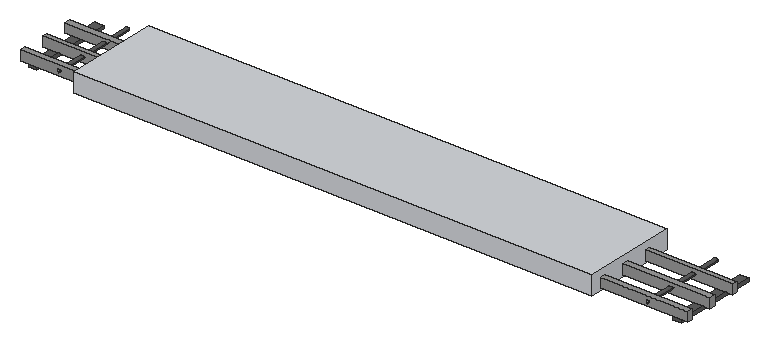
Revit family "1212-3, Veneer", category Generic Models, host Face, Revit 2020
Family settings
  Host = Face
  Can host rebar = No
  Round Connector Dimension = Use Diameter
  Part Type = Normal
  Cut with Voids When Loaded = No
  Shared = No
  Room Calculation Point = No
Parameters
  min_value [instance] = 1' - 11 1/4"  # constant formula
  max_value [instance] = 9' - 11 1/4"  # constant formula
  actual_value [instance] = if(NET LENGTH < min_value, min_value, if(NET LENGTH > max_value, max_value, NET LENGTH))  # 7' - 11 1/4"
  NET LENGTH [instance] = 7' - 11 1/4"
  IMPORTANT NOTE!!!                                                                             *Backer & dowel layout is for visualization purposes only, final layout to be determined by 9Wood. [instance] = ""
  Default Elevation = 4' - 0"
  DOWEL RADIUS [instance] = 0' - 0 1/4"  # constant formula
  BACKING M MATERIAL [instance] = BLACK-BACKERS
  .. MEMBER WIDTH [instance] = 0' - 0 3/4"  # constant formula
  .. MEMBER MATERIAL [instance] = Veneer Cherry
  .. MEMBER DEPTH [instance] = 0' - 1 3/8"  # constant formula
  .. MEMBER COUNT [instance] = 3  # constant formula
Reference planes (in)
  plane 1 "Center (Front/Back)": y = 0
  plane 2: z = 2.726
  plane 3 "Center (Left/Right)": x = 0
Forms (in)
  Extrusion 1, solid
    sketch origin (15, -0.86619, -0.99308) x (0, 1, 0) y (-1, 0, 0)
      loop
        line (3.42869, -23.66817) -> (3.42869, 50.25) -> (-10, 50.25) -> (-10, -23.66817) -> (3.42869, -23.66817)
    from 3.71908 to 1.00111
Dimensions and locks (in)
  aligned and locked: plane 2 to Extrusion 1
Nested families (in)
  nested 1: "1200 Series" at (-44, -2, 1.87867), NET LENGTH <- "actual_value", DOWEL RADII <- "DOWEL RADIUS", .. MEMBER WIDTH <- ".. MEMBER WIDTH", .. MEMBER DEPTH <- ".. MEMBER DEPTH", .. MEMBER MATERIAL <- ".. MEMBER MATERIAL", BACKING M MATERIAL <- "BACKING M MATERIAL", .. MEMBER COUNT <- ".. MEMBER COUNT", type "1200 Series"
    with X 7' - 4", WIDTH 1' - 0 1/16", Space 0' - 0 11/16", START 0' - 0 3/8", SCRIM MATERIAL SCRIM, SCRIM 3 8' - 1", SCRIM 2 0' - 0 7/8", SCRIM 1 0' - 0 3/32", SCRIM yes, NET LENGTH 7' - 11 1/4", N 8, INSET 3 0' - 0 3/16", INSET 0' - 1", INDEX 0' - 5 5/8", END BACKER yes, DOWEL RADII 0' - 0 1/4", DOWEL COUNT 8, BACKING M WIDTH 0' - 1 1/4", BACKING M MATERIAL BLACK-BACKERS, BACKING M LENGTH 0' - 11 7/8", BACKING M DEPTH 0' - 0 1/2", .. MEMBER WIDTH 0' - 0 3/4", .. MEMBER OC TYP 0' - 4", .. MEMBER MATERIAL Veneer Cherry, .. MEMBER DEPTH 0' - 1 3/8", .. MEMBER COUNT 3
Definition of nested family "1200 Series"
  Parameters (values of type "1200 Series")
    X [instance] = NET LENGTH - (0' 3 5/8" * 2)  # 6' - 2"
    WIDTH [instance] = 1' - 0 1/16"
    Space [instance] = 0' - 0 11/16"  # constant formula
    START [instance] = .. MEMBER WIDTH / 2  # 0' - 0 3/8"
    SCRIM MATERIAL [instance] = none
    SCRIM 3 [instance] = NET LENGTH + (SCRIM 2 * 2)  # 6' - 11"
    SCRIM 2 [instance] = 0' - 0 7/8"
    SCRIM 1 [instance] = 0' - 0 3/32"
    SCRIM [instance] = yes
    NET LENGTH [instance] = 6' - 9 1/4"
    N [instance] = if((X - (rounddown(X / 1' 0") * 1' 0")) > 1' 0", rounddown(X / 1' 0") + 2, rounddown(X / 1' 0") + 1)  # 7
    INSET 3 [instance] = 0' - 0 3/16"
    INSET [instance] = 0' - 1"
    INDEX [instance] = (NET LENGTH - ((N - 1) * 1' 0")) / 2  # 0' - 4 5/8"
    END BACKER [instance] = yes
    Default Elevation = 0' - 0"
    DOWEL RADII [instance] = 0' - 0 1/4"
    DOWEL COUNT [instance] = N  # 7
    BACKING M WIDTH [instance] = 0' - 1 1/4"
    BACKING M MATERIAL [instance] = none
    BACKING M LENGTH [instance] = 0' - 11 7/8"
    BACKING M DEPTH [instance] = 0' - 0 1/2"
    .. MEMBER WIDTH [instance] = 0' - 0 3/4"
    .. MEMBER OC TYP [instance] = 1' 0" / .. MEMBER COUNT  # 0' - 3"
    .. MEMBER MATERIAL [instance] = none
    .. MEMBER DEPTH [instance] = 0' - 1 3/8"
    .. MEMBER COUNT [instance] = 4
  Reference planes (in)
    plane 1 "Center (Front/Back)": y = -7.5
    plane 2: z = 0
    plane 3 "Center (Left/Right)": x = 0
    plane 4: x = 1
    plane 5: x = 4.625
    plane 6: x = 81.25
    plane 7: x = 80.25
    plane 8: x = 16.625
    plane 9: y = -7.3125
    plane 10: y = -4.125
    plane 11: y = -7.125
    plane 12: y = 4.5625
    plane 13: y = -4.5
    plane 14: y = -7.59375
    plane 15: x = 82.125
    plane 16: y = 4.65625
    plane 17: x = -0.875
    plane 18: z = -1.375
    plane 19: z = -0.6875
  Lines and regions (in)
    model lines
      curve 1: line (4.375, -7.5, -0.6875) -> (4.875, -7.5, -0.6875)
    model lines, not visible
      curve 2: line (4.625, -7.5, -0.9375) -> (4.625, -7.5, -0.4375)
      curve 3: line (4.375, -7.5, -0.6875) -> (4.875, -7.5, -0.6875)
      curve 4: line (16.625, -7.5, -0.9375) -> (16.625, -7.5, -0.4375)
      curve 5: line (16.375, -7.5, -0.6875) -> (16.875, -7.5, -0.6875)
      curve 6: line (28.625, -7.5, -0.9375) -> (28.625, -7.5, -0.4375)
      curve 7: line (28.375, -7.5, -0.6875) -> (28.875, -7.5, -0.6875)
      curve 8: line (40.625, -7.5, -0.9375) -> (40.625, -7.5, -0.4375)
      curve 9: line (40.375, -7.5, -0.6875) -> (40.875, -7.5, -0.6875)
      curve 10: line (52.625, -7.5, -0.9375) -> (52.625, -7.5, -0.4375)
      curve 11: line (52.375, -7.5, -0.6875) -> (52.875, -7.5, -0.6875)
      curve 12: line (64.625, -7.5, -0.9375) -> (64.625, -7.5, -0.4375)
      curve 13: line (64.375, -7.5, -0.6875) -> (64.875, -7.5, -0.6875)
      curve 14: line (76.625, -7.5, -0.9375) -> (76.625, -7.5, -0.4375)
      curve 15: line (76.375, -7.5, -0.6875) -> (76.875, -7.5, -0.6875)
  Dimensions and locks (in)
    "NET LENGTH": plane 3 "Center (Left/Right)" to plane 6
    "INSET": plane 7 to plane 6
    "INDEX": plane 3 "Center (Left/Right)" to plane 5
    plane 5 to plane 8 = 1' - 0"
    "INSET 3": plane 1 "Center (Front/Back)" to plane 9
    equal spacing: group 1, group 2, group 3, group 4  (x3)
    "START": plane 11 to plane 1 "Center (Front/Back)"
    ".. MEMBER OC TYP": plane 10 to plane 11
    "WIDTH": plane 12 to plane 1 "Center (Front/Back)"
    "START": plane 10 to plane 13
    "SCRIM 1": plane 14 to plane 1 "Center (Front/Back)"
    "SCRIM 2": plane 6 to plane 15
    "SCRIM 1": plane 12 to plane 16
    "SCRIM 2": plane 17 to plane 3 "Center (Left/Right)"
    "INSET": plane 3 "Center (Left/Right)" to plane 4
    equal spacing: group 5, group 6, group 7, group 8, group 9, group 10, group 11  (x3)
    "Space": plane 19 to plane 18
    aligned and locked: level to plane 2
    aligned and locked: nested 1 to plane 4  (x2)
    aligned and locked: plane 7 to nested 2
    aligned and locked: plane 5 to nested 3
    aligned and locked: nested 1 to plane 9
    aligned and locked: plane 1 "Center (Front/Back)" to nested 4
    aligned and locked: plane 9 to nested 2
    aligned and locked: plane 13 to nested 5
    aligned and locked: nested 3 to plane 9
    aligned and locked: plane 18 to nested 1
    aligned and locked: plane 19 to nested 3
    aligned and locked: curve 1 to plane 19
    aligned and locked: plane 8 to curve 4
    aligned and locked: curve 5 to plane 19
    aligned and locked: nested 4 to plane 18
  Automatic sketch dimensions
    curve 1 to curve 1 = 0' - 0 1/2"
    curve 1 to plane 5 = 0' - 0 1/4"
    plane 5 to curve 1 = 0' - 0 1/4"
    curve 3 to curve 2 = 0' - 0 1/4"  (x2)
    curve 2 to curve 3 = 0' - 0 1/4"  (x2)
    curve 5 to curve 4 = 0' - 0 1/4"  (x2)
    curve 4 to curve 5 = 0' - 0 1/4"  (x2)
    curve 7 to curve 6 = 0' - 0 1/4"  (x2)
    curve 6 to curve 7 = 0' - 0 1/4"  (x2)
    curve 9 to curve 8 = 0' - 0 1/4"  (x2)
    curve 8 to curve 9 = 0' - 0 1/4"  (x2)
    curve 11 to curve 10 = 0' - 0 1/4"  (x2)
    curve 10 to curve 11 = 0' - 0 1/4"  (x2)
    curve 13 to curve 12 = 0' - 0 1/4"  (x2)
    curve 12 to curve 13 = 0' - 0 1/4"  (x2)
    curve 15 to curve 14 = 0' - 0 1/4"  (x2)
    curve 14 to curve 15 = 0' - 0 1/4"  (x2)
  Nested families (in)
    nested 1: "INSTANCE - 2ND -  EXTEND SIDE H CENTER W - Parametric Cube" at (1, -1.375, -1.375) x (0, -1, 0) z (0, 0, 1), Width <- "BACKING M LENGTH", Length <- "BACKING M WIDTH", Material <- "BACKING M MATERIAL", Height <- "BACKING M DEPTH", visible <- "END BACKER", type "INSTANCE - 2ND -  EXTEND SIDE H CENTER W - Parametric Cube"
      with Width 0' - 11 7/8", Material none, Length 0' - 1 1/4", Height 0' - 0 1/2"
    nested 2: "INSTANCE - 2ND -  EXTEND SIDE H CENTER W - Parametric Cube" at (80.25, -1.375, -1.375) x (0, -1, 0) z (0, 0, 1), Width <- "BACKING M LENGTH", Length <- "BACKING M WIDTH", Material <- "BACKING M MATERIAL", Height <- "BACKING M DEPTH", visible <- "END BACKER", type "INSTANCE - 2ND -  EXTEND SIDE H CENTER W - Parametric Cube"
      with Width 0' - 11 7/8", Material none, Length 0' - 1 1/4", Height 0' - 0 1/2"
    nested 3: "Family3" at (-5.375, -7.3125, -0.6875), DOWEL RADII <- "DOWEL RADII", BACKING MEM MATERIAL <- "BACKING M MATERIAL", type "Family3"
      with DOWEL RADII 0' - 0 1/4", DOWEL LENGTH 0' - 11 7/8", BACKING MEM MATERIAL none
    nested 4: "HOLED MEMBER" at (0, -18.75, 6.19404), DOWEL RADII <- "DOWEL RADII", .. MEMBER LENGTH <- "NET LENGTH", DOWEL COUNT <- "DOWEL COUNT", DEPTH <- ".. MEMBER DEPTH", .. MEMBER WIDTH <- ".. MEMBER WIDTH", Material <- ".. MEMBER MATERIAL", DOWEL INDEX <- "INDEX", Space 2 <- "Space", type "HOLED MEMBER"
      with Width 0' - 6", Space 2 0' - 0 11/16", Material none, Length 1' - 0", Height 0' - 10.43096", DOWEL RADII 0' - 0 1/4", DOWEL OC DIST 1' - 0", DOWEL INDEX 0' - 4 5/8", DOWEL COUNT 7, DEPTH 0' - 1 3/8", .. MEMBER WIDTH 0' - 0 3/4", .. MEMBER LENGTH 6' - 9 1/4"
    nested 5: "HOLED MEMBER" at (0, -15.75, 6.19404), DOWEL RADII <- "DOWEL RADII", .. MEMBER LENGTH <- "NET LENGTH", DOWEL COUNT <- "DOWEL COUNT", DEPTH <- ".. MEMBER DEPTH", .. MEMBER WIDTH <- ".. MEMBER WIDTH", Material <- ".. MEMBER MATERIAL", DOWEL INDEX <- "INDEX", Space 2 <- "Space", type "HOLED MEMBER"
      with Width 0' - 6", Space 2 0' - 0 11/16", Material none, Length 1' - 0", Height 0' - 10.43096", DOWEL RADII 0' - 0 1/4", DOWEL OC DIST 1' - 0", DOWEL INDEX 0' - 4 5/8", DOWEL COUNT 7, DEPTH 0' - 1 3/8", .. MEMBER WIDTH 0' - 0 3/4", .. MEMBER LENGTH 6' - 9 1/4"
    nested 6: "HOLED MEMBER" at (0, -12.75, 6.19404), DOWEL RADII <- "DOWEL RADII", .. MEMBER LENGTH <- "NET LENGTH", DOWEL COUNT <- "DOWEL COUNT", DEPTH <- ".. MEMBER DEPTH", .. MEMBER WIDTH <- ".. MEMBER WIDTH", Material <- ".. MEMBER MATERIAL", DOWEL INDEX <- "INDEX", Space 2 <- "Space", type "HOLED MEMBER"
      with Width 0' - 6", Space 2 0' - 0 11/16", Material none, Length 1' - 0", Height 0' - 10.43096", DOWEL RADII 0' - 0 1/4", DOWEL OC DIST 1' - 0", DOWEL INDEX 0' - 4 5/8", DOWEL COUNT 7, DEPTH 0' - 1 3/8", .. MEMBER WIDTH 0' - 0 3/4", .. MEMBER LENGTH 6' - 9 1/4"
    nested 7: "HOLED MEMBER" at (0, -9.75, 6.19404), DOWEL RADII <- "DOWEL RADII", .. MEMBER LENGTH <- "NET LENGTH", DOWEL COUNT <- "DOWEL COUNT", DEPTH <- ".. MEMBER DEPTH", .. MEMBER WIDTH <- ".. MEMBER WIDTH", Material <- ".. MEMBER MATERIAL", DOWEL INDEX <- "INDEX", Space 2 <- "Space", type "HOLED MEMBER"
      with Width 0' - 6", Space 2 0' - 0 11/16", Material none, Length 1' - 0", Height 0' - 10.43096", DOWEL RADII 0' - 0 1/4", DOWEL OC DIST 1' - 0", DOWEL INDEX 0' - 4 5/8", DOWEL COUNT 7, DEPTH 0' - 1 3/8", .. MEMBER WIDTH 0' - 0 3/4", .. MEMBER LENGTH 6' - 9 1/4"
    nested 8: "Family3" at (6.625, -7.3125, -0.6875), DOWEL RADII <- "DOWEL RADII", BACKING MEM MATERIAL <- "BACKING M MATERIAL", type "Family3"
      with DOWEL RADII 0' - 0 1/4", DOWEL LENGTH 0' - 11 7/8", BACKING MEM MATERIAL none
    nested 9: "Family3" at (18.625, -7.3125, -0.6875), DOWEL RADII <- "DOWEL RADII", BACKING MEM MATERIAL <- "BACKING M MATERIAL", type "Family3"
      with DOWEL RADII 0' - 0 1/4", DOWEL LENGTH 0' - 11 7/8", BACKING MEM MATERIAL none
    nested 10: "Family3" at (30.625, -7.3125, -0.6875), DOWEL RADII <- "DOWEL RADII", BACKING MEM MATERIAL <- "BACKING M MATERIAL", type "Family3"
      with DOWEL RADII 0' - 0 1/4", DOWEL LENGTH 0' - 11 7/8", BACKING MEM MATERIAL none
    nested 11: "Family3" at (42.625, -7.3125, -0.6875), DOWEL RADII <- "DOWEL RADII", BACKING MEM MATERIAL <- "BACKING M MATERIAL", type "Family3"
      with DOWEL RADII 0' - 0 1/4", DOWEL LENGTH 0' - 11 7/8", BACKING MEM MATERIAL none
    nested 12: "Family3" at (54.625, -7.3125, -0.6875), DOWEL RADII <- "DOWEL RADII", BACKING MEM MATERIAL <- "BACKING M MATERIAL", type "Family3"
      with DOWEL RADII 0' - 0 1/4", DOWEL LENGTH 0' - 11 7/8", BACKING MEM MATERIAL none
    nested 13: "Family3" at (66.625, -7.3125, -0.6875), DOWEL RADII <- "DOWEL RADII", BACKING MEM MATERIAL <- "BACKING M MATERIAL", type "Family3"
      with DOWEL RADII 0' - 0 1/4", DOWEL LENGTH 0' - 11 7/8", BACKING MEM MATERIAL none
  Definition of nested family "INSTANCE - 2ND -  EXTEND SIDE H CENTER W - Parametric Cube"
    Parameters (values of type "INSTANCE - 2ND -  EXTEND SIDE H CENTER W - Parametric Cube")
      Width [instance] = 0' - 6"
      Material [instance] = none
      Length [instance] = 1' - 0"
      Height [instance] = 1' - 6"
      Default Elevation = 0' - 0"
    Reference planes (in)
      plane 1 "Center (Front/Back)": y = 0
      plane 2: z = 0
      plane 3 "Center (Left/Right)": x = 0
      plane 4: x = -3
      plane 5: x = 3
      plane 6: y = 12
      plane 7: z = -18
    Forms (in)
      Extrusion 1, solid, material <- "Material"
        sketch origin (0, 6, 0) x (1, 0, 0) y (0, 1, 0)
          loop
            line (-3, 6) -> (-3, -6) -> (3, -6) -> (3, 6) -> (-3, 6)
        from -18 to 0
    Dimensions and locks (in)
      equal spacing: plane 4, plane 3 "Center (Left/Right)", plane 5
      "Width": plane 4 to plane 5
      "Height": plane 7 to level
      "Length": plane 1 "Center (Front/Back)" to plane 6
      aligned and locked: plane 2 to level
      aligned and locked: plane 4 to Extrusion 1 sketch curve
      aligned and locked: Extrusion 1 sketch curve to plane 5
      aligned and locked: Extrusion 1 to plane 7
      aligned and locked: plane 6 to Extrusion 1
    Automatic sketch dimensions
      plane 1 "Center (Front/Back)" to Extrusion 1 sketch curve = 0' - 0"
      plane 6 to Extrusion 1 sketch curve = 0' - 0"
  Definition of nested family "Family3"
    Parameters (values of type "Family3")
      Default Elevation = 0' - 0"
      DOWEL RADII [instance] = 0' - 0 5/8"
      DOWEL LENGTH [instance] = 0' - 5"
      BACKING MEM MATERIAL [instance] = none
    Reference planes (in)
      plane 1 "Center (Front/Back)": y = 0
      plane 2: z = 0
      plane 3 "Center (Left/Right)": x = 0
      plane 4: y = 5
    Forms (in)
      Extrusion 1, solid, material <- "BACKING MEM MATERIAL"
        sketch origin (10, 0, 0) x (1, 0, 0) y (0, 0, 1)
          loop
            circle (0, 0) r 0.625
        from 0 to -5
      Extrusion 2, solid, not visible
        sketch origin (0, 0, 0) x (1, 0, 0) y (0, 0, 1)
          loop
            circle (0, 0) r 0.625
        from 0 to 12
      Extrusion 3, solid, not visible
        sketch origin (10, 0, 0) x (1, 0, 0) y (0, 0, 1)
          loop
            circle (0, 0) r 0.625
        from 0 to 2.5
      Extrusion 4, solid, not visible
        sketch origin (10, 0, 0) x (1, 0, 0) y (0, 0, 1)
          loop
            circle (0, 0) r 0.625
        from 0 to -12
    Lines and regions (in)
      model lines, not visible
        curve 1: line (-13, 0, 0) -> (-13, -12, 0)
        curve 2: line (13, 0, 0) -> (13, -12, 0)
        curve 3: line (9.89453, 0, 0) -> (10.08794, 0, 0)
        curve 4: line (9.89453, -2.5, 0) -> (10.08794, -2.5, 0)
        curve 6: line (10, 0, 0) -> (10, 2, 0)
      model lines
        curve 5: line (10, 0, 0) -> (10, 2, 0)
    Dimensions and locks (in)
      "DOWEL LENGTH": plane 1 "Center (Front/Back)" to plane 4
      "DOWEL RADII": radius of Extrusion 1 sketch curve
      "DOWEL RADII": radius of Extrusion 2 sketch curve
      "DOWEL RADII": radius of Extrusion 3 sketch curve
      "DOWEL RADII": radius of Extrusion 4 sketch curve
      "DOWEL RADII": radius of Extrusion 1
      aligned and locked: plane 2 to level
      aligned and locked: Extrusion 1 to plane 1 "Center (Front/Back)"  (x3)
      aligned and locked: plane 1 "Center (Front/Back)" to Extrusion 1
      aligned and locked: plane 4 to Extrusion 1
    Automatic sketch dimensions
      plane 1 "Center (Front/Back)" to curve 5 = 0' - 0"
      curve 5 to plane 1 "Center (Front/Back)" = 0' - 2"
      plane 3 "Center (Left/Right)" to curve 5 = 0' - 10"
      Extrusion 1 sketch curve to level = 0' - 0"
      plane 3 "Center (Left/Right)" to Extrusion 1 sketch curve = 0' - 10"
  Definition of nested family "HOLED MEMBER"
    Parameters (values of type "HOLED MEMBER")
      Width [instance] = 0' - 6"
      Space 2 [instance] = 0' - 0 5/8"
      Space = 0' - 0 5/8"
      Material [instance] = none
      Length [instance] = 1' - 0"
      Height [instance] = 0' - 10.43096"
      Default Elevation = 0' - 0"
      DOWEL RADII [instance] = 0' - 0.34537"
      DOWEL OC DIST [instance] = 1' - 0"
      DOWEL INSET = 0' - 0 5/8"
      DOWEL INDEX [instance] = 0' - 5 5/8"
      DOWEL COUNT [instance] = 6
      DEPTH [instance] = 0' - 2"
      .. MEMBER WIDTH [instance] = 0' - 0 5/8"
      .. MEMBER LENGTH [instance] = 5' - 11 3/4"
    Reference planes (in)
      plane 1 "Center (Front/Back)": y = 12
      plane 2: z = -7.56904
      plane 3 "Center (Left/Right)": x = 0
      plane 4: x = 5.625
      plane 5: x = 17.625
      plane 6: y = 11.375
      plane 7: x = 71.75
      plane 8: z = -6.94404
      plane 9: z = -5.56904
    Forms (in)
      Extrusion 1, solid, material <- "Material"
        sketch origin (0, 12, -13.56904) x (1, 0, 0) y (0, 0, 1)
          loop
            line (0, 6) -> (71.75, 6) -> (71.75, 8) -> (0, 8) -> (0, 6)
        from 0.625 to 0
      Extrusion 2, void
        sketch origin (0, 12, -18.31904) x (1, 0, 0) y (0, 0, 1)
          loop
            circle (5.625, 11.375) r 0.34537
        from 0 to 12
      Extrusion 3, void, not visible
        sketch origin (0, 1.25, 0) x (1, 0, 0) y (0, 1, 0)
          loop
            circle (5.625, 11.375) r 0.34537
        from 0 to 12
      Extrusion 4, void, not visible
        sketch origin (0, 1.25, 0) x (1, 0, 0) y (0, 1, 0)
          loop
            circle (5.625, 11.375) r 0.34537
        from 0 to 12
      Extrusion 5, void, not visible
        sketch origin (12, 1.25, 0) x (1, 0, 0) y (0, 1, 0)
          loop
            circle (5.625, 11.375) r 0.34537
        from 0 to 12
      Extrusion 6, void, not visible
        sketch origin (0, 12, -16.31904) x (1, 0, 0) y (0, 0, 1)
          loop
            circle (5.625, 11.375) r 0.34537
        from 0 to 12
      Extrusion 7, void, not visible
        sketch origin (12, 12, -16.31904) x (1, 0, 0) y (0, 0, 1)
          loop
            circle (5.625, 11.375) r 0.34537
        from 0 to 12
      Extrusion 8, void, not visible
        sketch origin (0, 12, -18.31904) x (1, 0, 0) y (0, 0, 1)
          loop
            circle (5.625, 11.375) r 0.34537
        from 0 to 12
      Extrusion 9, void
        sketch origin (12, 12, -18.31904) x (1, 0, 0) y (0, 0, 1)
          loop
            circle (5.625, 11.375) r 0.34537
        from 0 to 12
      Extrusion 10, void, not visible
        sketch origin (24, 12, -16.31904) x (1, 0, 0) y (0, 0, 1)
          loop
            circle (5.625, 11.375) r 0.34537
        from 0 to 12
      Extrusion 11, void, not visible
        sketch origin (36, 12, -16.31904) x (1, 0, 0) y (0, 0, 1)
          loop
            circle (5.625, 11.375) r 0.34537
        from 0 to 12
      Extrusion 12, void, not visible
        sketch origin (48, 12, -16.31904) x (1, 0, 0) y (0, 0, 1)
          loop
            circle (5.625, 11.375) r 0.34537
        from 0 to 12
      Extrusion 13, void, not visible
        sketch origin (60, 12, -16.31904) x (1, 0, 0) y (0, 0, 1)
          loop
            circle (5.625, 11.375) r 0.34537
        from 0 to 12
      Extrusion 14, void, not visible
        sketch origin (24, 1.25, 0) x (1, 0, 0) y (0, 1, 0)
          loop
            circle (5.625, 11.375) r 0.34537
        from 0 to 12
      Extrusion 15, void, not visible
        sketch origin (36, 1.25, 0) x (1, 0, 0) y (0, 1, 0)
          loop
            circle (5.625, 11.375) r 0.34537
        from 0 to 12
      Extrusion 16, void, not visible
        sketch origin (48, 1.25, 0) x (1, 0, 0) y (0, 1, 0)
          loop
            circle (5.625, 11.375) r 0.34537
        from 0 to 12
      Extrusion 17, void, not visible
        sketch origin (60, 1.25, 0) x (1, 0, 0) y (0, 1, 0)
          loop
            circle (5.625, 11.375) r 0.34537
        from 0 to 12
      Extrusion 18, void
        sketch origin (24, 12, -18.31904) x (1, 0, 0) y (0, 0, 1)
          loop
            circle (5.625, 11.375) r 0.34537
        from 0 to 12
      Extrusion 19, void
        sketch origin (36, 12, -18.31904) x (1, 0, 0) y (0, 0, 1)
          loop
            circle (5.625, 11.375) r 0.34537
        from 0 to 12
      Extrusion 20, void
        sketch origin (48, 12, -18.31904) x (1, 0, 0) y (0, 0, 1)
          loop
            circle (5.625, 11.375) r 0.34537
        from 0 to 12
      Extrusion 21, void
        sketch origin (60, 12, -18.31904) x (1, 0, 0) y (0, 0, 1)
          loop
            circle (5.625, 11.375) r 0.34537
        from 0 to 12
    Cuts and joins
      Extrusion 2, Extrusion 9, Extrusion 18, Extrusion 19, Extrusion 20, Extrusion 21 cuts Extrusion 1
    Lines and regions (in)
      model lines, not visible
        curve 1: line (5.625, 11.72037, 0) -> (5.625, 11.02963, 0)
        curve 2: line (5.625, 11.72037, 0) -> (5.625, 11.02963, 0)
        curve 3: line (17.625, 11.72037, 0) -> (17.625, 11.02963, 0)
        curve 4: line (5.625, 12, -7.56904) -> (5.625, 11.87317, -7.56904)
        curve 5: line (5.625, 11.87317, -7.56904) -> (5.06195, 11.87317, -7.56904)
        curve 6: line (5.06195, 11.87317, -7.56904) -> (5.27963, 11.375, -7.56904)
        curve 7: line (0, 12, -6.19404) -> (0, 11.61951, -6.19404)
        curve 8: line (0, 11.375, -8.19404) -> (0, 11.6747, -8.19404)
        curve 9: line (5.625, 12, -7.56904) -> (5.625, 11.69863, -7.56904)
        curve 11: line (5.625, 12, 0) -> (5.625, 12, 0.30137)
        curve 12: line (5.625, 12, 0) -> (5.625, 12, 0.30137)
        curve 13: line (17.625, 12, 0) -> (17.625, 12, 0.30137)
        curve 14: line (5.625, 12, -5.56904) -> (5.625, 11.69863, -5.56904)
        curve 15: line (17.625, 12, -5.56904) -> (17.625, 11.69863, -5.56904)
        curve 16: line (5.625, 12, -7.56904) -> (5.625, 11.69863, -7.56904)
        curve 18: line (29.625, 12, -5.56904) -> (29.625, 11.69863, -5.56904)
        curve 19: line (41.625, 12, -5.56904) -> (41.625, 11.69863, -5.56904)
        curve 20: line (53.625, 12, -5.56904) -> (53.625, 11.69863, -5.56904)
        curve 21: line (65.625, 12, -5.56904) -> (65.625, 11.69863, -5.56904)
        curve 22: line (29.625, 11.72037, 0) -> (29.625, 11.02963, 0)
        curve 23: line (29.625, 12, 0) -> (29.625, 12, 0.30137)
        curve 24: line (41.625, 11.72037, 0) -> (41.625, 11.02963, 0)
        curve 25: line (41.625, 12, 0) -> (41.625, 12, 0.30137)
        curve 26: line (53.625, 11.72037, 0) -> (53.625, 11.02963, 0)
        curve 27: line (53.625, 12, 0) -> (53.625, 12, 0.30137)
        curve 28: line (65.625, 11.72037, 0) -> (65.625, 11.02963, 0)
        curve 29: line (65.625, 12, 0) -> (65.625, 12, 0.30137)
        curve 35: line (5.27963, 12.625, 0) -> (5.97037, 12.625, 0)
        curve 36: line (5.27963, 12.625, 0) -> (5.97037, 12.625, 0)
        curve 37: line (17.27963, 12.625, 0) -> (17.97037, 12.625, 0)
        curve 38: line (5.27963, 12, -4.94404) -> (5.97037, 12, -4.94404)
        curve 39: line (17.27963, 12, -4.94404) -> (17.97037, 12, -4.94404)
        curve 40: line (5.27963, 12, -6.94404) -> (5.97037, 12, -6.94404)
        curve 42: line (29.27963, 12, -4.94404) -> (29.97037, 12, -4.94404)
        curve 43: line (41.27963, 12, -4.94404) -> (41.97037, 12, -4.94404)
        curve 44: line (53.27963, 12, -4.94404) -> (53.97037, 12, -4.94404)
        curve 45: line (65.27963, 12, -4.94404) -> (65.97037, 12, -4.94404)
        curve 46: line (29.27963, 12.625, 0) -> (29.97037, 12.625, 0)
        curve 47: line (41.27963, 12.625, 0) -> (41.97037, 12.625, 0)
        curve 48: line (53.27963, 12.625, 0) -> (53.97037, 12.625, 0)
        curve 49: line (65.27963, 12.625, 0) -> (65.97037, 12.625, 0)
        curve 54: line (0, 12, -6.94404) -> (0, 4.22059, -6.94404)
        curve 55: line (0, 12.625, 0) -> (0, 12.625, 7.77941)
        curve 56: line (0, 12.625, 0) -> (0, 12.625, 7.77941)
        curve 57: line (12, 12.625, 0) -> (12, 12.625, 7.77941)
        curve 58: line (0, 12, -4.94404) -> (0, 4.22059, -4.94404)
        curve 59: line (12, 12, -4.94404) -> (12, 4.22059, -4.94404)
        curve 60: line (0, 12, -6.94404) -> (0, 4.22059, -6.94404)
        curve 61: line (12, 12, -6.94404) -> (12, 4.22059, -6.94404)
        curve 62: line (24, 12, -4.94404) -> (24, 4.22059, -4.94404)
        curve 63: line (36, 12, -4.94404) -> (36, 4.22059, -4.94404)
        curve 64: line (48, 12, -4.94404) -> (48, 4.22059, -4.94404)
        curve 65: line (60, 12, -4.94404) -> (60, 4.22059, -4.94404)
        curve 66: line (24, 12.625, 0) -> (24, 12.625, 7.77941)
        curve 67: line (36, 12.625, 0) -> (36, 12.625, 7.77941)
        curve 68: line (48, 12.625, 0) -> (48, 12.625, 7.77941)
        curve 69: line (60, 12.625, 0) -> (60, 12.625, 7.77941)
        curve 70: line (24, 12, -6.94404) -> (24, 4.22059, -6.94404)
        curve 71: line (36, 12, -6.94404) -> (36, 4.22059, -6.94404)
        curve 72: line (48, 12, -6.94404) -> (48, 4.22059, -6.94404)
        curve 73: line (60, 12, -6.94404) -> (60, 4.22059, -6.94404)
      model lines
        curve 10: line (5.625, 12, -7.56904) -> (5.625, 11.69863, -7.56904)
        curve 17: line (17.625, 12, -7.56904) -> (17.625, 11.69863, -7.56904)
        curve 30: line (29.625, 12, -7.56904) -> (29.625, 11.69863, -7.56904)
        curve 31: line (41.625, 12, -7.56904) -> (41.625, 11.69863, -7.56904)
        curve 32: line (53.625, 12, -7.56904) -> (53.625, 11.69863, -7.56904)
        curve 33: line (65.625, 12, -7.56904) -> (65.625, 11.69863, -7.56904)
        curve 34: line (5.27963, 12, -6.94404) -> (5.97037, 12, -6.94404)
        curve 41: line (17.27963, 12, -6.94404) -> (17.97037, 12, -6.94404)
        curve 50: line (29.27963, 12, -6.94404) -> (29.97037, 12, -6.94404)
        curve 51: line (41.27963, 12, -6.94404) -> (41.97037, 12, -6.94404)
        curve 52: line (53.27963, 12, -6.94404) -> (53.97037, 12, -6.94404)
        curve 53: line (65.27963, 12, -6.94404) -> (65.97037, 12, -6.94404)
    Dimensions and locks (in)
      "DOWEL INDEX": plane 3 "Center (Left/Right)" to plane 4
      "DOWEL OC DIST": plane 4 to plane 5
      ".. MEMBER LENGTH": plane 3 "Center (Left/Right)" to plane 7
      equal spacing: group 3, group 4, group 17, group 18, group 19, group 20  (x3)
      equal spacing: group 7, group 8, group 13, group 14, group 15, group 16  (x3)
      equal spacing: group 1, group 12, group 21, group 22, group 23, group 24  (x3)
      ".. MEMBER WIDTH": plane 6 to plane 1 "Center (Front/Back)"
      "DEPTH": plane 9 to level
      "Space 2": plane 8 to level
      "DOWEL RADII": radius of Extrusion 2 sketch curve
      "DOWEL RADII": radius of Extrusion 3 sketch curve
      "DOWEL RADII": radius of Extrusion 4 sketch curve
      "DOWEL RADII": radius of Extrusion 5 sketch curve
      "DOWEL RADII": radius of Extrusion 6 sketch curve
      "DOWEL RADII": radius of Extrusion 7 sketch curve
      "DOWEL RADII": radius of Extrusion 8 sketch curve
      "DOWEL RADII": radius of Extrusion 9 sketch curve
      "DOWEL RADII": radius of Extrusion 10 sketch curve
      "DOWEL RADII": radius of Extrusion 11 sketch curve
      "DOWEL RADII": radius of Extrusion 12 sketch curve
      "DOWEL RADII": radius of Extrusion 13 sketch curve
      "DOWEL RADII": radius of Extrusion 14 sketch curve
      "DOWEL RADII": radius of Extrusion 15 sketch curve
      "DOWEL RADII": radius of Extrusion 16 sketch curve
      "DOWEL RADII": radius of Extrusion 17 sketch curve
      "DOWEL RADII": radius of Extrusion 18 sketch curve
      "DOWEL RADII": radius of Extrusion 19 sketch curve
      "DOWEL RADII": radius of Extrusion 20 sketch curve
      "DOWEL RADII": radius of Extrusion 21 sketch curve
      aligned and locked: level to plane 2
      aligned and locked: Extrusion 1 to plane 3 "Center (Left/Right)"  (x2)
      aligned and locked: plane 7 to cut or joined group of Extrusion 1, Extrusion 2, Extrusion 9, Extrusion 18, Extrusion 19, Extrusion 20, Extrusion 21  (x2)
      aligned and locked: cut or joined group of Extrusion 1, Extrusion 2, Extrusion 9, Extrusion 18, Extrusion 19, Extrusion 20, Extrusion 21 to plane 1 "Center (Front/Back)"  (x2)
      aligned and locked: cut or joined group of Extrusion 1, Extrusion 2, Extrusion 9, Extrusion 18, Extrusion 19, Extrusion 20, Extrusion 21 to plane 6  (x2)
      aligned and locked: plane 4 to curve 10
      aligned and locked: plane 5 to curve 17
      aligned and locked: plane 9 to cut or joined group of Extrusion 1, Extrusion 2, Extrusion 9, Extrusion 18, Extrusion 19, Extrusion 20, Extrusion 21  (x2)
      aligned and locked: cut or joined group of Extrusion 1, Extrusion 2, Extrusion 9, Extrusion 18, Extrusion 19, Extrusion 20, Extrusion 21 to level
      aligned and locked: plane 8 to Extrusion 2
      aligned and locked: curve 34 to plane 8
      aligned and locked: curve 41 to plane 8
      aligned and locked: level to curve 10
      aligned and locked: curve 10 to level
      aligned and locked: plane 8 to cut or joined group of Extrusion 1, Extrusion 2, Extrusion 9, Extrusion 18, Extrusion 19, Extrusion 20, Extrusion 21
      aligned and locked: curve 54 to plane 8
    Automatic sketch dimensions
      curve 1 to curve 1 = 0' - 0.69074"
      curve 2 to curve 2 = 0' - 0.69074"
      curve 3 to curve 3 = 0' - 0.69074"
      Extrusion 1 sketch curve to plane 3 "Center (Left/Right)" = 0' - 0"
      Extrusion 1 sketch curve to plane 7 = 0' - 0"
      Extrusion 1 sketch curve to Extrusion 1 sketch curve = 0' - 2"
      level to Extrusion 1 sketch curve = 0' - 0"
      curve 9 to curve 9 = 0' - 0.30137"
      curve 10 to curve 10 = 0' - 0.30137"
      curve 11 to curve 11 = 0' - 0.30137"
      curve 12 to curve 12 = 0' - 0.30137"
      curve 13 to curve 13 = 0' - 0.30137"
      curve 14 to curve 14 = 0' - 0.30137"
      curve 15 to curve 15 = 0' - 0.30137"
      curve 16 to curve 16 = 0' - 0.30137"
      curve 17 to curve 17 = 0' - 0.30137"
      curve 18 to curve 18 = 0' - 0.30137"
      curve 19 to curve 19 = 0' - 0.30137"
      curve 20 to curve 20 = 0' - 0.30137"
      curve 21 to curve 21 = 0' - 0.30137"
      curve 22 to curve 22 = 0' - 0.69074"
      curve 23 to curve 23 = 0' - 0.30137"
      curve 24 to curve 24 = 0' - 0.69074"
      curve 25 to curve 25 = 0' - 0.30137"
      curve 26 to curve 26 = 0' - 0.69074"
      curve 27 to curve 27 = 0' - 0.30137"
      curve 28 to curve 28 = 0' - 0.69074"
      curve 29 to curve 29 = 0' - 0.30137"
      curve 30 to curve 30 = 0' - 0.30137"
      curve 31 to curve 31 = 0' - 0.30137"
      curve 32 to curve 32 = 0' - 0.30137"
      curve 33 to curve 33 = 0' - 0.30137"
      curve 34 to curve 34 = 0' - 0.69074"
      curve 35 to curve 35 = 0' - 0.69074"
      curve 36 to curve 36 = 0' - 0.69074"
      curve 37 to curve 37 = 0' - 0.69074"
      curve 38 to curve 38 = 0' - 0.69074"
      curve 39 to curve 39 = 0' - 0.69074"
      curve 40 to curve 40 = 0' - 0.69074"
      curve 41 to curve 41 = 0' - 0.69074"
      curve 42 to curve 42 = 0' - 0.69074"
      curve 43 to curve 43 = 0' - 0.69074"
      curve 44 to curve 44 = 0' - 0.69074"
      curve 45 to curve 45 = 0' - 0.69074"
      curve 46 to curve 46 = 0' - 0.69074"
      curve 47 to curve 47 = 0' - 0.69074"
      curve 48 to curve 48 = 0' - 0.69074"
      curve 49 to curve 49 = 0' - 0.69074"
      curve 50 to curve 50 = 0' - 0.69074"
      curve 51 to curve 51 = 0' - 0.69074"
      curve 52 to curve 52 = 0' - 0.69074"
      curve 53 to curve 53 = 0' - 0.69074"
      curve 54 to curve 54 = 0' - 7.77941"
      curve 55 to curve 55 = 0' - 7.77941"
      curve 56 to curve 56 = 0' - 7.77941"
      curve 57 to curve 57 = 0' - 7.77941"
      curve 58 to curve 58 = 0' - 7.77941"
      curve 59 to curve 59 = 0' - 7.77941"
      curve 60 to curve 60 = 0' - 7.77941"
      curve 61 to curve 61 = 0' - 7.77941"
      curve 62 to curve 62 = 0' - 7.77941"
      curve 63 to curve 63 = 0' - 7.77941"
      curve 64 to curve 64 = 0' - 7.77941"
      curve 65 to curve 65 = 0' - 7.77941"
      curve 66 to curve 66 = 0' - 7.77941"
      curve 67 to curve 67 = 0' - 7.77941"
      curve 68 to curve 68 = 0' - 7.77941"
      curve 69 to curve 69 = 0' - 7.77941"
      curve 70 to curve 70 = 0' - 7.77941"
      curve 71 to curve 71 = 0' - 7.77941"
      curve 72 to curve 72 = 0' - 7.77941"
      curve 73 to curve 73 = 0' - 7.77941"
